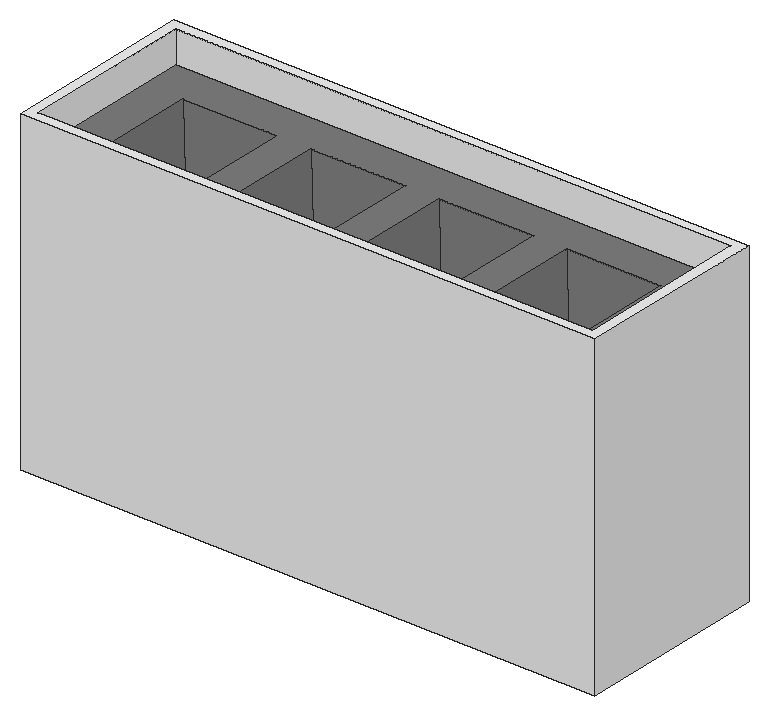
Revit family "Bitpop C 4.1", category Lighting Fixtures, Revit 2017
Family settings
  Round Connector Dimension = Use Diameter
  Part Type = Normal
  OmniClass Number = 23.80.70.00
  OmniClass Title = Lighting
  Work Plane-Based = Yes
  Always vertical = No
  Cut with Voids When Loaded = No
  Light Source = Yes
  Shared = No
  Room Calculation Point = Yes
Parameters (values of type "Bitpop C 4.1_F 30° (3000K 18W 230Vac)")
  Wiring = "-"
  Width mm = 60 mm
  Weight kg = "0.7"
  Wattage = 9.42495 W
  built-in parameter 1150110 = 1 (stored number, unit not read)
  Voltage = 230 V
  URL Technical sheet = "https://www.lucelight.it/media/prodotti/st/ST_BITPOP_C_41.pdf"
  URL Image = "https://www.lucelight.it/media/prodotti/foto/bitpop_c_4.1_still.jpg"
  URL IES Photometric file = "https://www.lucelight.it/media/prodotti/fotometrie/bitpop_c_4.1_ies.zip"
  URL General code = "https://www.lucelight.it/en/prodotto.php/109339#a-generacodice"
  URL Description = "https://www.lucelight.it/en/capitolato.php/109339"
  URL DXF = "https://www.lucelight.it/media/prodotti/dxf/bitpop_c_4.1.dxf"
  URL Catalogue = "https://www.lucelight.it/media/prodotti/brochure/bitpop_c_brochure_en.pdf"
  URL Accessories and power supply units = "https://www.lucelight.it/en/prodotto.php/109339#a-scheda-accessori"
  URL = "https://www.lucelight.it/en/prodotto.php/109339"
  built-in parameter 1114217 = 1 (stored number, unit not read)
  Tilt Angle = 90.00°
  built-in parameter 1150109 = 1 (stored number, unit not read)
  built-in parameter 1150134 = (empty or 0)
  built-in parameter 1150113 = 1 (stored number, unit not read)
  Photometric Web File = "BITPOP C 4.1 F 30° [3000K 18W 230Vac].IES"
  Model = "Bitpop C 4.1"
  Manufacturer = "L&L Luce&Light"
  built-in parameter 1150105 = 111.41 (stored number, unit not read)
  Lumens = 1400 lm
  built-in parameter 1150115 = 1 (stored number, unit not read)
  built-in parameter 1150137 = (empty or 0)
  built-in parameter 1150139 = (empty or 0)
  built-in parameter 1150112 = 1 (stored number, unit not read)
  built-in parameter 1150114 = 1 (stored number, unit not read)
  built-in parameter 1150132 = 2
  built-in parameter 1150102 = (empty or 0)
  built-in parameter 1150107 = 3000 (stored number, unit not read)
  built-in parameter 1150138 = (empty or 0)
  built-in parameter 1150106 = 1.1141 (stored number, unit not read)
  Geometry = Bitpop C 4.1_mod : Bitpop C 4.1_mod
  Trim = L&L_Steel
  Power supply unit = "included and wired"
  Power supply = "230Vac"
  Power cables = "includes 0.3 m cable"
  Power = "18W"
  Optics = "30°"
  Notes = "Bitpop 4.1 recessed version"
  No. and type of led = "4 high-intensity power LEDs"
  Mounting = "surface mounted (ceiling)"
  Material = "body in aluminium trim in steel"
  Lumen output at source = "1400 lm (3000K)"
  Lens = L&L_Lens
  Length mm = 180 mm
  LED Colour = "3000K (also available: 2700K and 4000K - ref. URL Technical sheet)"
  IP = "40"
  Height mm = 100 mm
  Features = "-"
  Energy efficiency class = "A A+ A++"
  Emit from Line Length = 609.6 mm
  built-in parameter 1150104 = 13.8 (stored number, unit not read)
  Dimming Lamp Color Temperature Shift = <None>
  Description = "Indoor ceiling mounted"
  Delivered lumen output = "992 lm (3000K, 30°)"
  Default Elevation = 1219.2 mm
  Cutout dimensions = "-"
  Control system = "on/off; 1-10V + PUSH; DALI + PUSH"
  Contact = "T: +39 0444 360571; E: lucelight@lucelight.it"
  Company = "L&L Luce&Light"
  Color Filter = 16777215
  Code = "BC4110 B White - Black; BC4110 N Black - Black"
  CRI = "90 (also available: CRI 80 - ref. URL Technical sheet)"
  Body = L&L_White aluminium
  built-in parameter 1114218 = 1 (stored number, unit not read)
  built-in parameter 1150133 = 10 (stored number, unit not read)
  Apparent Load Phase 1 = 26 W
Types (4, lengths in mm): name | Photometric Web File | Optics
  Bitpop C 4.1_F 30° (3000K 18W 230Vac) | "BITPOP C 4.1 F 30° [3000K 18W 230Vac].IES" | "30°"
  Bitpop C 4.1_L 42° (3000K 18W 230Vac) | "BITPOP C 4.1 L 42° [3000K 18W 230Vac].IES" | "42°"
  Bitpop C 4.1_W 17°x45° (3000K 18W 230Vac) | "BITPOP C 4.1 W 17°x45° [3000K 18W 230Vac].IES" | "17°x45°"
  Bitpop C 4.1_S 17° (3000K 18W 230Vac) | "BITPOP C 4.1 S 17° [3000K 18W 230Vac].IES" | "17°"
Reference planes
  plane 1 "Light Source Axis (F/B)": y = 0
  plane 2: z = 0
  plane 3 "Light Source Axis (L/R)": x = 0
  plane 4 "Light Source Elevation": z = 1500
Dimensions and locks
  aligned and locked: level to plane 2
Nested families
  nested 1: "Bitpop C 4.1_mod" at (0, 0, 0), type <- "Geometry", type "Bitpop C 4.1_mod"
Connectors
  electrical at (0, 0, 0), driven by "Voltage", driven by "Apparent Load Phase 1"
    settings: index 1, voltage 230 V, apparent load 0 VA, apparent load phase1 26 VA, apparent load phase2 0 VA, apparent load phase3 0 VA, power factor 1, load classification "Lighting", number of poles 1, system type 31, power factor state 1, is connector primary yes, connector utility no, sub classification motor no, connector description ""
Definition of nested family "Bitpop C 4.1_mod"
  Parameters (values of type "Bitpop C 4.1_mod")
    Trim = none
    Lens = none
    Default Elevation = 1219.2 mm
    Body = none
  Reference planes
    plane 1 "Light Source Axis (F/B)": y = 0
    plane 2: z = 0
    plane 3 "Light Source Axis (L/R)": x = 0
    plane 4 "Light Source Elevation": z = 1500
    plane 5: z = 100
    plane 6: z = 70
    plane 7: z = 90
    plane 8: z = 76
    plane 9: x = 20
    plane 10: x = -20
    plane 11: x = -60
  Forms (mm)
    Extrusion 1, solid, material <- "Body", detail levels coarse
      sketch origin (0, 0, 0) x (1, 0, 0) y (0, 1, 0)
        loop
          line (-90, 30) -> (-90, -30) -> (90, -30) -> (90, 30) -> (-90, 30)
      from 0 to 100
    Extrusion 2, solid, material <- "Body", detail levels medium
      sketch origin (0, 0, 0) x (1, 0, 0) y (0, 1, 0)
        loop
          line (-90, 30) -> (-90, -30) -> (90, -30) -> (90, 30) -> (-90, 30)
      from 0 to 100
    Blend 3, void
      base sketch origin (0, 0, 0) x (1, 0, 0) y (0, 1, 0)
        loop
          line (-47.887, 12.113) -> (-72.113, 12.113) -> (-72.113, -12.113) -> (-47.887, -12.113) -> (-47.887, 12.113)
      top sketch origin (0, 0, 0) x (1, 0, 0) y (0, 1, 0)
        loop
          line (-45.17, 14.829) -> (-74.829, 14.829) -> (-74.829, -14.83) -> (-45.17, -14.83) -> (-45.17, 14.829)
      from 70 to 100
    Blend 4, void
      base sketch origin (0, 0, 0) x (1, 0, 0) y (0, 1, 0)
        loop
          line (-7.886, 12.113) -> (-32.113, 12.113) -> (-32.113, -12.113) -> (-7.886, -12.113) -> (-7.886, 12.113)
      top sketch origin (0, 0, 0) x (1, 0, 0) y (0, 1, 0)
        loop
          line (-5.17, 14.829) -> (-34.829, 14.829) -> (-34.829, -14.83) -> (-5.17, -14.83) -> (-5.17, 14.829)
      from 70 to 100
    Blend 5, void
      base sketch origin (0, 0, 0) x (1, 0, 0) y (0, 1, 0)
        loop
          line (7.886, 12.114) -> (7.886, -12.114) -> (32.113, -12.114) -> (32.113, 12.114) -> (7.886, 12.114)
      top sketch origin (0, 0, 0) x (1, 0, 0) y (0, 1, 0)
        loop
          line (34.83, 14.829) -> (5.171, 14.829) -> (5.171, -14.83) -> (34.83, -14.83) -> (34.83, 14.829)
      from 70 to 100
    Blend 6, void
      base sketch origin (0, 0, 0) x (1, 0, 0) y (0, 1, 0)
        loop
          line (72.113, 12.113) -> (47.887, 12.113) -> (47.887, -12.113) -> (72.113, -12.113) -> (72.113, 12.113)
      top sketch origin (0, 0, 0) x (1, 0, 0) y (0, 1, 0)
        loop
          line (74.83, 14.829) -> (45.171, 14.829) -> (45.171, -14.83) -> (74.83, -14.83) -> (74.83, 14.829)
      from 70 to 100
    Extrusion 7, void
      sketch origin (0, 0, 0) x (1, 0, 0) y (0, 1, 0)
        loop
          circle (-60, 0) r 10.7
        loop
          circle (-20, 0) r 10.7
        loop
          circle (20, 0) r 10.7
        loop
          circle (60, 0) r 10.7
      from 64 to 70
    Extrusion 8, solid, material <- "Lens", detail levels medium+fine
      sketch origin (0, 0, 0) x (1, 0, 0) y (0, 1, 0)
        loop
          circle (-60, 0) r 10.7
        loop
          circle (-20, 0) r 10.7
        loop
          circle (20, 0) r 10.7
        loop
          circle (60, 0) r 10.7
      from 69 to 70
    Extrusion 9, solid, material <- "Body", detail levels fine
      sketch origin (0, 0, 0) x (1, 0, 0) y (0, 1, 0)
        loop
          line (-90, 30) -> (-90, -30) -> (90, -30) -> (90, 30) -> (-90, 30)
        loop
          line (-87, 27) -> (-87, -27) -> (87, -27) -> (87, 27) -> (-87, 27)
      from 0 to 100
    Extrusion 10, solid, material <- "Trim", detail levels fine
      sketch origin (0, 0, 0) x (1, 0, 0) y (0, 1, 0)
        loop
          line (-87, 27) -> (-87, -27) -> (87, -27) -> (87, 27) -> (-87, 27)
      from 0 to 90
    Blend 11, void
      base sketch origin (0, 0, 0) x (1, 0, 0) y (0, 1, 0)
        loop
          line (-47.887, 12.113) -> (-72.113, 12.113) -> (-72.113, -12.113) -> (-47.887, -12.113) -> (-47.887, 12.113)
      top sketch origin (0, 0, 0) x (1, 0, 0) y (0, 1, 0)
        loop
          line (-45.17, 14.829) -> (-74.829, 14.829) -> (-74.829, -14.83) -> (-45.17, -14.83) -> (-45.17, 14.829)
      from 70 to 90
    Blend 12, void
      base sketch origin (0, 0, 0) x (1, 0, 0) y (0, 1, 0)
        loop
          line (-7.886, 12.113) -> (-32.113, 12.113) -> (-32.113, -12.113) -> (-7.886, -12.113) -> (-7.886, 12.113)
      top sketch origin (0, 0, 0) x (1, 0, 0) y (0, 1, 0)
        loop
          line (-5.17, 14.829) -> (-34.829, 14.829) -> (-34.829, -14.83) -> (-5.17, -14.83) -> (-5.17, 14.829)
      from 70 to 90
    Blend 13, void
      base sketch origin (0, 0, 0) x (1, 0, 0) y (0, 1, 0)
        loop
          line (7.886, 12.114) -> (7.886, -12.114) -> (32.113, -12.114) -> (32.113, 12.114) -> (7.886, 12.114)
      top sketch origin (0, 0, 0) x (1, 0, 0) y (0, 1, 0)
        loop
          line (34.83, 14.829) -> (5.171, 14.829) -> (5.171, -14.83) -> (34.83, -14.83) -> (34.83, 14.829)
      from 70 to 90
    Blend 14, void
      base sketch origin (0, 0, 0) x (1, 0, 0) y (0, 1, 0)
        loop
          line (72.113, 12.113) -> (47.887, 12.113) -> (47.887, -12.113) -> (72.113, -12.113) -> (72.113, 12.113)
      top sketch origin (0, 0, 0) x (1, 0, 0) y (0, 1, 0)
        loop
          line (74.83, 14.829) -> (45.171, 14.829) -> (45.171, -14.83) -> (74.83, -14.83) -> (74.83, 14.829)
      from 70 to 90
    Extrusion 15, void
      sketch origin (0, 0, 0) x (1, 0, 0) y (0, 1, 0)
        loop
          circle (-60, 0) r 10.7
        loop
          circle (-20, 0) r 10.7
        loop
          circle (20, 0) r 10.7
        loop
          circle (60, 0) r 10.7
      from 64 to 71.514
  Cuts and joins
    Blend 3, Blend 4, Blend 5, Blend 6, Extrusion 7 cuts Extrusion 2
    Blend 11, Blend 12, Blend 13, Blend 14, Extrusion 15 cuts Extrusion 10
  Dimensions and locks
    plane 6 to plane 5 = 30 mm
    plane 6 to plane 7 = 20 mm
    aligned and locked: level to plane 2
